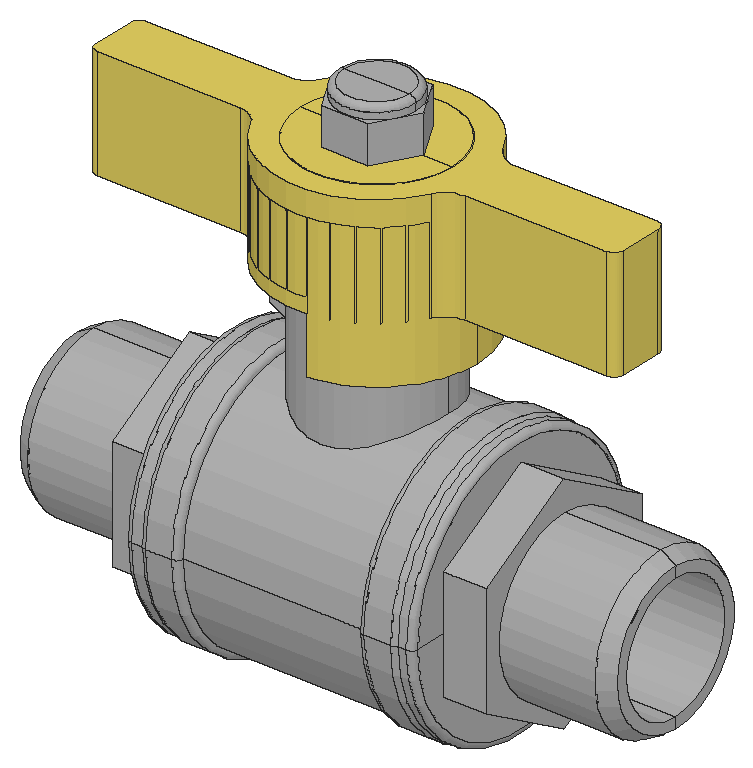
Revit family "QP02800000", category Apparecchi idraulici, Revit 2020
Family settings
  Quota connettore circolare = Usa diametro
  Tipo di parte = Normale
  Numero OmniClass = 23.45.00.00
  Titolo OmniClass = Sanitary, Laundry, and Cleaning Equipment
  Basato su piano di lavoro = No
  Sempre verticale = Sì
  Taglio con vuoti quando caricato = No
  Condiviso = No
  Punto di calcolo locali = No
Parameters
  URL = "https://web.cimberio.com/index.php/figura/321?subcategoria_id=95698"
  Temperatura di esercizio = "-20 ÷ 60°C"
  Prospetto di default = 0 mm
  Produttore = "CIMBERIO SPA"
  Pressione nominale = "MOP 5"
  Modello = "Cim 302G"
  Materiale = "Prodotto in lega di ottone conforme alla norma EN 12165-CW617N-DW"
  Descrizione = "Utilizzato nell’impiantistica distributiva di gas a bassa pressione per le categorie:\r\nGas naturali: gas derivati dal petrolio (Metano) e gas di ricambio.\r\nGas di città: prodotti secondo i diversi procedimenti (Cracking - Cokerie - ecc.).\r\nGas liquidi: propano e miscele di gas propano/butano"
  DN Model [instance] = QP02801020 : QP02801020
  DN [instance] = 20 mm
  Commenti sul tipo = "Realizzato in ottemperanza ai requisiti gestionali della norma EN ISO 9001.\r\nCollaudato al 100% secondo la normativa EN 12266-1"
Reference planes
  plane 1 "Centro (Fronte/Retro)": y = 0
  plane 2: z = 0
  plane 3 "Centro (Sinistra/Destra)": x = 0
Dimensions and locks
  aligned and locked: level to plane 2
Nested families
  nested 1: "QP02801020" at (0, 0, 0), type <- "DN Model", type "QP02801020"
  nested 2: "QP02801020" at (0, 0, 0), type <- "DN Model", type "QP02801020"
  nested 3: "QP02801020" at (0, 0, 0), type <- "DN Model", type "QP02801020"
  nested 4: "QP02801020" at (0, 0, 0), type <- "DN Model", type "QP02801020"
  nested 5: "QP02801020" at (0, 0, 0), type <- "DN Model", type "QP02801020"
  nested 6: "QP02801020" at (0, 0, 0), type <- "DN Model", type "QP02801020"
  nested 7: "QP02801020" at (0, 0, 0), type <- "DN Model", type "QP02801020"
  nested 8: "QP02801020" at (0, 0, 0), type <- "DN Model", type "QP02801020"
Connectors
  piping at (30.1, 0, -1.457), diameter 20, driven by "DN"
    settings: on nested 1, index 1, connector inside diameter 609.6 mm, connector length 0 mm, flow factor 0, pipe flow 0.0 L/s, pressure drop 0.0 Pa, fitting loss kfactor 0, connector angle 0.00°, fixture units 0, engagement length 0 mm, angle of deflection 0.00°, flow configuration 0, flow direction 0, fitting loss method 0, system type 7, joint type 0, gender type 0, connector reference index -1, connector utility 0, adjustable connector no, is connector primary yes, connector description ""
  piping at (-30.1, 0, -1.457), diameter 20, driven by "DN"
    settings: on nested 1, index 2, connector inside diameter 609.6 mm, connector length 0 mm, flow factor 0, pipe flow 0.0 L/s, pressure drop 0.0 Pa, fitting loss kfactor 0, connector angle 0.00°, fixture units 0, engagement length 0 mm, angle of deflection 0.00°, flow configuration 0, flow direction 0, fitting loss method 0, system type 7, joint type 0, gender type 0, connector reference index -1, connector utility 0, adjustable connector no, is connector primary no, connector description ""
Definition of nested family "QP02801020"
  Parameters (values of type "QP02801020")
    Default Elevation = 0 mm
  Reference planes
    plane 1 "Centro (Fronte/Retro)": y = 0
    plane 2: z = 0
    plane 3 "Centro (Sinistra/Destra)": x = 0
  Forms (mm)
    Extrusion 1, solid
      sketch origin (-1.996, 0, 4.955) x (1, 0, 0) y (0, 0, 1)
        loop
          line (-14.004, 28.388) -> (-14.004, 21.625) -> (-11, 19.89) -> (-11, 9.005) -> (-5.604, 9.005) -> (-5.604, 28.388) -> (-14.004, 28.388)
      from 0 to 1.497
    Extrusion 2, solid
      sketch origin (0, 0, 49.8) x (0, 1, 0) y (-1, 0, 0)
        loop
          line (0, -7.499) -> (6.495, -3.75) -> (6.495, 3.75) -> (0, 7.499) -> (-6.495, 3.75) -> (-6.495, -3.75) -> (0, -7.499)
      from 5.543 to 11.543
    Revolve 3, solid
      sketch origin (0, 0, -1.455) x (0, 1, 0) y (-1, 0, 0)
        loop
          line (12.607, 23.1) -> (12.607, -23.1) -> (20.75, -23.1)
          arc (20.75, -23.1) -> (21.457, -22.807) -> (21.75, -22.1) r 1
          line (21.75, -22.1) -> (21.75, -20.735) -> (22, -19.802) -> (22, -15.5)
          arc (22, -15.5) -> (21.707, -14.793) -> (21, -14.5) r 1
          line (21, -14.5) -> (21, 14.5)
          arc (21, 14.5) -> (21.707, 14.793) -> (22, 15.5) r 1
          line (22, 15.5) -> (22, 19.654) -> (21.75, 20.424) -> (21.75, 22.1)
          arc (21.75, 22.1) -> (21.457, 22.807) -> (20.75, 23.1) r 1
          line (20.75, 23.1) -> (12.607, 23.1)
        axis (0, 23.1) -> (0, -23.1)
      angle from 0 to 360
    Revolve 4, solid
      sketch origin (0, 0, 0) x (1, 0, 0) y (0, 0, 1)
        loop
          line (0, 55.343) -> (-12.25, 55.343) -> (-16.25, 51.343) -> (-16.25, 28.343) -> (-10.467, 28.343) -> (-10.467, 45.453) -> (0, 45.453) -> (0, 55.343)
        axis (0, 28.343) -> (0, 55.343)
      angle from 0 to 360
    Extrusion 5, void
      sketch origin (0, 0, 61.343) x (-1, 0, 0) y (0, 1, 0)
        loop
          line (16.068, 0) -> (10.467, 0)
          arc (10.467, 0) -> (6.812, -7.947) -> (-1.6, -10.344) r 10.467
          line (-1.6, -10.344) -> (-1.6, -18.331)
          arc (-1.6, -18.331) -> (13.093, -14.813) -> (16.068, 0) r 14.025
      from 21.5 to 35.795
    Revolve 6, solid
      sketch origin (0, 0, 0) x (1, 0, 0) y (0, 0, 1)
        loop
          line (0, 15.276) -> (11.5, 15.276) -> (11.5, 41.593) -> (0, 41.593) -> (0, 15.276)
        axis (0, 41.593) -> (0, 15.276)
      angle from 0 to 360
    Revolve 7, solid
      sketch origin (0, 0, 0) x (1, 0, 0) y (0, 0, 1)
        loop
          line (0, 63.343) -> (0, 60.363) -> (6.25, 60.363) -> (6.25, 62.343)
          arc (6.25, 62.343) -> (5.957, 63.05) -> (5.25, 63.343) r 1
          line (5.25, 63.343) -> (0, 63.343)
        axis (0, 63.343) -> (0, 60.363)
      angle from 0 to 360
    Extrusion 8, solid
      sketch origin (16, 0, -1.457) x (0, 0, 1) y (0, -1, 0)
        loop
          circle (0, 0) r 10
        loop
          line (18, 0) -> (9, 15.588) -> (-9, 15.588) -> (-18, 0) -> (-9, -15.588) -> (9, -15.588) -> (18, 0)
      from 7.1 to 14.1
    Revolve 9, solid
      sketch origin (0, 0, 0) x (1, 0, 0) y (0, 0, 1)
        loop
          line (30.1, 11.718) -> (30.1, 8.543) -> (48.1, 8.543) -> (48.1, 10.275) -> (45.666, 11.718) -> (30.1, 11.718)
        axis (48.1, -1.457) -> (30.1, -1.457)
      angle from 0 to 360
    Extrusion 10, solid
      sketch origin (-16, 0, -1.457) x (0, 0, 1) y (0, 1, 0)
        loop
          circle (0, 0) r 10
        loop
          line (18, 0) -> (9, 15.588) -> (-9, 15.588) -> (-18, 0) -> (-9, -15.588) -> (9, -15.588) -> (18, 0)
      from 7.1 to 14.1
    Revolve 11, solid
      sketch origin (0, 0, 0) x (-1, 0, 0) y (0, 0, 1)
        loop
          line (30.1, 11.718) -> (30.1, 8.543) -> (48.1, 8.543) -> (48.1, 10.275) -> (45.666, 11.718) -> (30.1, 11.718)
        axis (48.1, -1.457) -> (30.1, -1.457)
      angle from 0 to 360
    Extrusion 12, solid
      sketch origin (0, 0, 61.343) x (0, 1, 0) y (-1, 0, 0)
        loop
          arc (5, 41) -> (4.561, 42.061) -> (3.5, 42.5) r 1.5
          line (3.5, 42.5) -> (-3.5, 42.5)
          arc (-3.5, 42.5) -> (-4.56, 42.061) -> (-5, 41) r 1.5
          line (-5, 41) -> (-5, 18.14)
          arc (-5, 18.14) -> (-5.6, 16.032) -> (-7.222, 14.557) r 4
          arc (-7.222, 14.557) -> (-16.25, 0) -> (-7.222, -14.557) r 16.25
          arc (-7.222, -14.557) -> (-5.6, -16.032) -> (-5, -18.14) r 4
          line (-5, -18.14) -> (-5, -41)
          arc (-5, -41) -> (-4.56, -42.061) -> (-3.5, -42.5) r 1.5
          line (-3.5, -42.5) -> (3.5, -42.5)
          arc (3.5, -42.5) -> (4.561, -42.061) -> (5, -41) r 1.5
          line (5, -41) -> (5, -18.14)
          arc (5, -18.14) -> (5.601, -16.032) -> (7.222, -14.557) r 4
          arc (7.222, -14.557) -> (16.251, 0) -> (7.222, 14.557) r 16.25
          arc (7.222, 14.557) -> (5.601, 16.032) -> (5, 18.14) r 4
          line (5, 18.14) -> (5, 41)
      from -23.876 to -6
  Cuts and joins
    joined: Extrusion 1, Revolve 3
    Extrusion 5 cuts Revolve 4
  Dimensions and locks
    aligned and locked: level to plane 2
